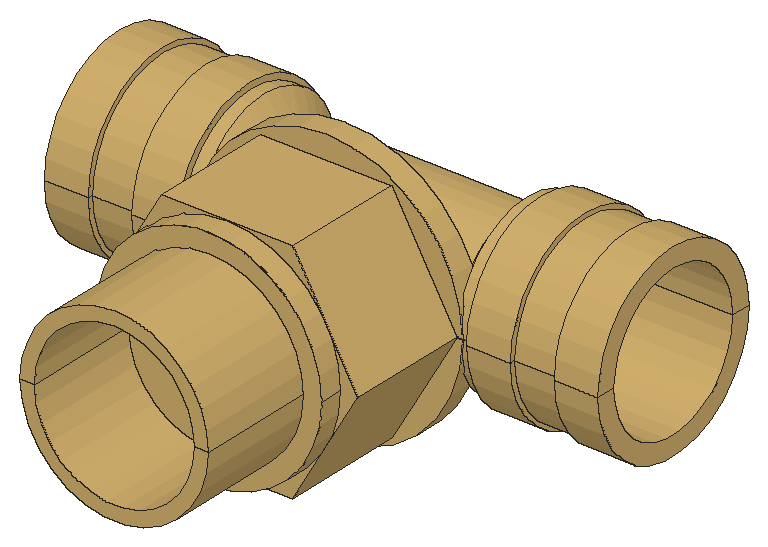
Revit family "UPEX_Te_Mac", category Pipe Fittings, Revit 2025
Family settings
  Round Connector Dimension = Use Radius
  Part Type = Tee
  OmniClass Number = 23.60.30.11.14
  OmniClass Title = Pipework Fittings
  Work Plane-Based = No
  Always vertical = Yes
  Cut with Voids When Loaded = No
  Shared = No
Parameters
  Ângulo = 90.00°
  URL = "https://www.ultrapex.com.br/_files/ugd/9f3173_32d47a29bbff48b5af4781a5d529eee8.pdf"
  ULTRAPEX: Versão = "01"  # constant formula
  ULTRAPEX: Norma Técnica = "NBR 15939"  # constant formula
  ULTRAPEX: Descrição [instance] = size_lookup(LookupTable, "DES", "Produto Inexistente", DN1, DN2, DN3)  # "Tê Macho 16x1/2\" - ULTRAPEX"
  ULTRAPEX: Código [instance] = size_lookup(LookupTable, "COD", 0, DN1, DN2, DN3)  # 9161612
  Type Image = Tê Macho.png
  Sextavado [instance] = DN2 Nominal = 20.0 mm  # yes
  RR2 [instance] = DN2 / 2 + 2.0 mm  # 12.05 mm
  RN3 [instance] = 8 mm
  RN2 [instance] = 10 mm
  RN1 [instance] = 8 mm
  Material = Latão - Ultrapex
  LookupTable = "Tê Macho De Redução - ULTRAPEX"
  Lado Conector [instance] = 2 * (DN2 / 2 + 2.0 mm) * tan(30.00°)  # 13.914 mm
  IfcExportAs = "IfcPipeFittingType.CONNECTOR"  # constant formula
  Manufacturer = "UltraPEX"  # constant formula
  Default Elevation = 0.0 mm
  Description = "Tê Macho De Redução - ULTRAPEX"
  DN3 [instance] = RN3 * 2  # 16 mm
  DN2 Nominal [instance] = RN2 * 2  # 20 mm
  DN2 [instance] = if(DN2 Nominal = 20.0 mm, 20.1 mm, if(DN2 Nominal = 25.0 mm, 26.4 mm, if(DN2 Nominal = 32.0 mm, 33.4 mm, 20.0 mm)))  # 20.1 mm
  DN1 [instance] = RN1 * 2  # 16 mm
  Cota O [instance] = 14.5 mm  # constant formula
  Cota N [instance] = size_lookup(LookupTable, "N", 2.1 mm, DN1, DN2, DN3)  # 2.1 mm
  Cota M [instance] = if(DN3 = 16.0 mm, 13.4 mm, if(DN3 = 20.0 mm, 14.0 mm, 15.0 mm))  # 13.4 mm
  Cota L [instance] = if(DN2 Nominal = 20.0 mm, Cota D + 2 * Cota G, Cota B - Cota C)  # 18.7 mm
  Cota J [instance] = if(DN2 Nominal = 20.0 mm, 2.5 mm, 1.0 mm)  # 2.5 mm
  Cota I [instance] = Cota D / 2  # 7.25 mm
  Cota G [instance] = size_lookup(LookupTable, "G", 2.1 mm, DN1, DN2, DN3)  # 2.1 mm
  Cota F [instance] = if(DN2 = 12.7 mm, Cota G, 0.0 mm)  # 0.0 mm
  Cota D [instance] = size_lookup(LookupTable, "D", 17.2 mm, DN1, DN2, DN3)  # 14.5 mm
  Cota C [instance] = size_lookup(LookupTable, "C", 10.3 mm, DN1, DN2, DN3)  # 12.5 mm
  Cota B [instance] = size_lookup(LookupTable, "B", 34.6 mm, DN1, DN2, DN3)  # 46.9 mm
  Cota A [instance] = size_lookup(LookupTable, "A", 57.6 mm, DN1, DN2, DN3)  # 53.6 mm
  Alerta [instance] = if(ULTRAPEX: Código = 0, 1 = 1, 1 = 0)  # no
Reference planes
  plane 1 "Centro (Frente/Trás)": y = 0
  plane 2: z = 0
  plane 3 "Centro (Esquerda/Direita)": x = 0
  plane 4: x = -10.05
  plane 5: x = 10.05
  plane 6: y = -7.25
  plane 7: y = 7.25
  plane 8: x = -26.8
  plane 9: x = 26.8
  plane 10: x = -15.5
  plane 11: x = 15.5
  plane 12: y = 9.75
  plane 13: x = -12.5
  plane 14: x = 12.5
  plane 15: y = -25.05
  plane 16: y = -37.55
  plane 17: y = 9.35
Forms (mm)
  Sweep 1, solid, material "Latão - Ultrapex" <- "Material", detail levels fine
    path origin (0, 0, 0) x (1, 0, 0) y (0, 1, 0)
      loop
        line (-12.5, 0) -> (12.5, 0)
    profile origin (0, 0, 0) x (0, 1, 0) y (0, 0, 1)
      loop
        circle (0, 0) r 7.25
  Revolve 2, solid, material "Latão - Ultrapex" <- "Material", detail levels fine
    sketch origin (0, 0, 0) x (1, 0, 0) y (0, 1, 0)
      loop
        line (0, -9.35) -> (14.5, -9.35) -> (14.5, -6.75) -> (7.25, -2.564) -> (7.25, 0) -> (0, 0) -> (0, -9.35)
      axis (0, 0) -> (0, -9.35)
    angle from 0 to 360
  Extrusion 3, solid, material "Latão - Ultrapex" <- "Material", visible <- "Sextavado", detail levels fine
    sketch origin (-10, -7.25, 4000) x (1, 0, 0) y (0, 0, 1)
      loop
        line (3.043, -4012.05) -> (16.957, -4012.05) -> (23.914, -4000) -> (16.957, -3987.95) -> (3.043, -3987.95) -> (-3.914, -4000) -> (3.043, -4012.05)
    from 0 <- "Cota F" to 15.3
  Revolve 4, solid, material "Latão - Ultrapex" <- "Material", detail levels fine
    sketch origin (0, 0, 0) x (1, 0, 0) y (0, 1, 0)
      loop
        line (-10.05, -25.05) -> (-10.05, -37.55) -> (-8.55, -37.55) -> (-8.55, -25.05) -> (-10.05, -25.05)
      axis (0, -25.05) -> (0, -37.55)
    angle from 0 to 360
  Extrusion 5, solid, material "Latão - Ultrapex" <- "Material", visible <- "Sextavado", detail levels fine
    sketch origin (-11.768, -25.05, 4000) x (-1, 0, 0) y (0, 0, -1)
      loop
        circle (-11.768, 4000) r 12.05
    from 0 to -2.5
  Revolve 6, solid, material "Latão - Ultrapex" <- "Material", detail levels fine
    sketch origin (0, 0, 0) x (1, 0, 0) y (0, 1, 0)
      loop
        line (-12.5, 0) -> (-12.5, 7.25) -> (-14, 9.35) -> (-15.5, 9.35) -> (-15.5, 0) -> (-12.5, 0)
      axis (-12.5, 0) -> (-15.5, 0)
    angle from 0 to 360
  Revolve 7, solid, material "Latão - Ultrapex" <- "Material", detail levels fine
    sketch origin (0, 0, 0) x (-1, 0, 0) y (0, 1, 0)
      loop
        line (-12.5, 0) -> (-12.5, 7.25) -> (-14, 9.35) -> (-15.5, 9.35) -> (-15.5, 0) -> (-12.5, 0)
      axis (-12.5, 0) -> (-15.5, 0)
    angle from 0 to 360
Cuts and joins
  joined: Sweep 1, Revolve 2, Revolve 6
Lines and regions (mm)
  model lines, style "PipeFittingCenterLine", detail levels coarse+medium
    curve 1: line (-15.5, 0, 0) -> (15.5, 0, 0)
    curve 2: line (0, 0, 0) -> (0, -37.55, 0)
Dimensions and locks
  equal spacing: plane 6, plane 1 "Centro (Frente/Trás)", plane 7  (x2)
  equal spacing: plane 4, plane 3 "Centro (Esquerda/Direita)", plane 5
  "DN2": plane 4 to plane 5
  "Cota D": plane 6 to plane 7
  locked: plane 10 to plane 13 at 3
  locked: plane 14 to plane 11 at 3
  locked: plane 10 to plane 3 "Centro (Esquerda/Direita)" at 15.5
  locked: plane 3 "Centro (Esquerda/Direita)" to plane 11 at 15.5
  "Cota C": plane 16 to plane 15
  "Cota B": plane 16 to plane 17
  "Cota L": plane 17 to Revolve 2 sketch curve
  locked: plane 4 to Revolve 4 sketch curve at 1.5
  "Cota J": plane 15 to Extrusion 3
  locked: plane 6 to Revolve 2 sketch curve at 0.5
  "Cota I": plane 3 "Centro (Esquerda/Direita)" to Revolve 2 sketch curve
  "Cota O": plane 3 "Centro (Esquerda/Direita)" to Revolve 2 sketch curve
  "Cota G": plane 7 to plane 17
  equal spacing: Extrusion 3 sketch curve, plane 2, Extrusion 3 sketch curve
  equal spacing: Extrusion 3 sketch curve, plane 3 "Centro (Esquerda/Direita)", Extrusion 3 sketch curve
  "Lado Conector": Extrusion 3 sketch curve to Extrusion 3 sketch curve  (x4)
  Extrusion 3 sketch curve to Extrusion 3 sketch curve = 13.914 mm  (x2)
  equal spacing: plane 10, Revolve 6 sketch curve, plane 13
  equal spacing: plane 14, Revolve 7 sketch curve, plane 11
  "Cota D": diameter of Sweep 1 sketch curve
  "RR2": radius of Extrusion 5 sketch curve
  locked: Revolve 2 sketch curve to plane 1 "Centro (Frente/Trás)" (angle 30.00°)
  locked: Extrusion 3 sketch curve to Extrusion 3 sketch curve (angle 120.00°)  (x5)
  aligned and locked: plane 2 to level
  aligned and locked: plane 1 "Centro (Frente/Trás)" to Sweep 1 sketch curve
  aligned and locked: nested 1 to plane 1 "Centro (Frente/Trás)"
  aligned and locked: nested 2 to plane 11
  aligned and locked: nested 1 to plane 10
  aligned and locked: plane 3 "Centro (Esquerda/Direita)" to curve 2
  aligned and locked: plane 1 "Centro (Frente/Trás)" to curve 1
  aligned and locked: plane 10 to curve 1
  aligned and locked: plane 11 to curve 1
  aligned and locked: Revolve 4 sketch curve to plane 16
  aligned and locked: plane 15 to Revolve 4 sketch curve
  aligned and locked: Revolve 4 sketch curve to plane 4
  aligned and locked: plane 1 "Centro (Frente/Trás)" to Revolve 2 sketch curve
  aligned and locked: Revolve 2 sketch curve to plane 3 "Centro (Esquerda/Direita)"
  aligned and locked: plane 3 "Centro (Esquerda/Direita)" to Revolve 2 sketch curve
  aligned and locked: plane 16 to curve 2
  aligned and locked: plane 13 to Sweep 1 sketch curve
  aligned and locked: plane 14 to Sweep 1 sketch curve
  aligned and locked: plane 1 "Centro (Frente/Trás)" to Revolve 6 sketch curve
  aligned and locked: Revolve 6 sketch curve to plane 1 "Centro (Frente/Trás)"
  aligned and locked: plane 10 to Revolve 6 sketch curve
  aligned and locked: Revolve 6 sketch curve to plane 13
  aligned and locked: Revolve 7 sketch curve to plane 1 "Centro (Frente/Trás)"
  aligned and locked: plane 1 "Centro (Frente/Trás)" to Revolve 7 sketch curve
  aligned and locked: plane 14 to Revolve 7 sketch curve
  aligned and locked: plane 11 to Revolve 7 sketch curve
  aligned and locked: plane 7 to Revolve 7 sketch curve
  aligned and locked: plane 7 to Revolve 6 sketch curve
  aligned and locked: Revolve 6 sketch curve to plane 17
  aligned and locked: plane 17 to Revolve 7 sketch curve
Automatic sketch dimensions
  Revolve 4 sketch curve to plane 3 "Centro (Esquerda/Direita)" = 0.0 mm
  plane 16 to Revolve 4 sketch curve = 2.45 mm
  Revolve 4 sketch curve to plane 12 = 5.65 mm
  plane 10 to Revolve 6 sketch curve = 2.726 mm
  Revolve 6 sketch curve to plane 13 = 1.18 mm
  plane 11 to Revolve 7 sketch curve = 2.726 mm
  Revolve 7 sketch curve to Revolve 7 sketch curve = 1.18 mm
  Sweep 1 sketch curve to level = 0.0 mm
  Sweep 1 sketch curve to profile plane = 0.0 mm
  plane 15 to Revolve 2 sketch curve = 0.0 mm
  plane 1 "Centro (Frente/Trás)" to Revolve 2 sketch curve = 0.0 mm
  Extrusion 5 sketch curve to level = 0.0 mm
  Extrusion 5 sketch curve to plane 3 "Centro (Esquerda/Direita)" = 0.0 mm
Nested families
  nested 1: "Anel Deslizante - ULTRAPEX" at (-15.5, 0, 0) x (0, 1, 0) z (0, 0, 1), Diâmetro Nominal <- "DN1", type "Anel Deslizante - ULTRAPEX"
    with ULTRAPEX: Descrição "Anel Deslizante 16 mm - ULTRAPEX", ULTRAPEX: Código 9040016, Diâmetro Nominal 16 mm, DN 16.0 mm, Cota C 4.667 mm, Cota B 14.0 mm, Cota A 20.0 mm
  nested 2: "Anel Deslizante - ULTRAPEX" at (15.5, 0, 0) x (0, 1, 0) z (0, 0, 1), Diâmetro Nominal <- "DN3", type "Anel Deslizante - ULTRAPEX"
    with ULTRAPEX: Descrição "Anel Deslizante 16 mm - ULTRAPEX", ULTRAPEX: Código 9040016, Diâmetro Nominal 16 mm, DN 16.0 mm, Cota C 4.667 mm, Cota B 14.0 mm, Cota A 20.0 mm
Connectors
  piping at (0, -37.55, 0), diameter 20, driven by "RN2"
    settings: on Revolve 4, index 1, connector inside diameter 609.6 mm, connector length 0.0 mm, flow factor 0, pipe flow 0.0 L/s, pressure drop 0.0 Pa, fitting loss kfactor 0, connector angle 0.00°, fixture units 0, engagement length 0.0 mm, angle of deflection 0.00°, flow configuration 0, flow direction 0, fitting loss method 0, system type 28, joint type 0, gender type 0, connector reference index -1, connector utility 0, adjustable connector no, is connector primary no, connector description ""
  piping at (15.5, 0, 0), diameter 16, driven by "RN3", driven by "Ângulo"
    settings: on nested 2, index 2, connector inside diameter 609.6 mm, connector length 0.0 mm, flow factor 0, pipe flow 0.0 L/s, pressure drop 0.0 Pa, fitting loss kfactor 0, connector angle 90.00°, fixture units 0, engagement length 0.0 mm, angle of deflection 0.00°, flow configuration 0, flow direction 0, fitting loss method 0, system type 28, joint type 0, gender type 0, connector reference index 3, connector utility 0, adjustable connector no, is connector primary no, connector description ""
  piping at (-15.5, 0, 0), diameter 16, driven by "RN1", driven by "Ângulo"
    settings: on nested 1, index 3, connector inside diameter 609.6 mm, connector length 0.0 mm, flow factor 0, pipe flow 0.0 L/s, pressure drop 0.0 Pa, fitting loss kfactor 0, connector angle 90.00°, fixture units 0, engagement length 0.0 mm, angle of deflection 0.00°, flow configuration 0, flow direction 0, fitting loss method 0, system type 28, joint type 0, gender type 0, connector reference index 2, connector utility 0, adjustable connector no, is connector primary yes, connector description ""
Definition of nested family "Anel Deslizante - ULTRAPEX"
  Parameters (values of type "ANEL DESLIZANTE 16mm")
    URL = "https://www.ultrapex.com.br/_files/ugd/9f3173_32d47a29bbff48b5af4781a5d529eee8.pdf"
    ULTRAPEX: Versão = "00"  # constant formula
    ULTRAPEX: Norma Técnica = "NBR 15939"  # constant formula
    ULTRAPEX: Descrição [instance] = size_lookup(LookupTable, "DES", "Produto Inexistente", Diâmetro Nominal)  # "Anel Deslizante 16 mm - ULTRAPEX"
    ULTRAPEX: Código [instance] = size_lookup(LookupTable, "COD", 0, Diâmetro Nominal)  # 9040016
    Type Image = element 373412
    Material = none
    LookupTable = "Anel Deslizante - ULTRAPEX"  # constant formula
    IfcExportAs = "IfcPipeFittingType.CONNECTOR"  # constant formula
    Manufacturer = "UltraPEX"  # constant formula
    Default Elevation = 0.0 mm
    Diâmetro Nominal [instance] = 16 mm
    Description = "Anel Deslizante - ULTRAPEX"
    DN [instance] = size_lookup(LookupTable, "DN", 16.0 mm, Diâmetro Nominal)  # 16.0 mm
    Cota C [instance] = Cota B / 3  # 4.667 mm
    Cota B [instance] = size_lookup(LookupTable, "B", 14.0 mm, Diâmetro Nominal)  # 14.0 mm
    Cota A [instance] = size_lookup(LookupTable, "A", 20.0 mm, Diâmetro Nominal)  # 20.0 mm
  Reference planes
    plane 1 "Centro (Frente/Trás)": y = 0
    plane 2: z = 0
    plane 3 "Centro (Esquerda/Direita)": x = 0
    plane 4: x = 8
    plane 5: x = -8
    plane 6: x = -10
    plane 7: x = 10
    plane 8: y = 14
  Forms (mm)
    Revolve 1, solid, material <- "Material", detail levels fine
      sketch origin (0, 0, 0) x (1, 0, 0) y (0, 1, 0)
        loop
          line (10, 0) -> (10, 14) -> (8, 14) -> (8, 0) -> (10, 0)
        axis (0, 0) -> (0, 14)
      angle from 0 to 360
    Revolve 2, void
      sketch origin (0, 0, 0) x (1, 0, 0) y (0, 1, 0)
        loop
          line (-10.952, 9.333) -> (-10.952, 4.667) -> (-9.524, 4.667) -> (-9.524, 9.333) -> (-10.952, 9.333)
        axis (0, 4.667) -> (0, 9.333)
      angle from 0 to 360
  Cuts and joins
    Revolve 2 cuts Revolve 1
  Lines and regions (mm)
    model lines, detail levels coarse+medium
      curve 1: line (0, 0, 0) -> (0, 14, 0)
  Dimensions and locks
    "DN": plane 5 to plane 4
    "Cota A": plane 6 to plane 7
    equal spacing: plane 6, plane 3 "Centro (Esquerda/Direita)", plane 7
    equal spacing: plane 5, plane 3 "Centro (Esquerda/Direita)", plane 4
    "Cota B": plane 1 "Centro (Frente/Trás)" to plane 8
    "Cota C": Revolve 2 sketch curve to plane 8
    "Cota C": plane 1 "Centro (Frente/Trás)" to Revolve 2 sketch curve
    locked: plane 6 to Revolve 2 sketch curve at 0.476
    locked: Revolve 2 sketch curve to Revolve 2 sketch curve at 1.428
    aligned and locked: level to plane 2
    aligned and locked: plane 3 "Centro (Esquerda/Direita)" to Revolve 1 sketch curve
    aligned and locked: Revolve 1 sketch curve to plane 7
    aligned and locked: plane 4 to Revolve 1 sketch curve
    aligned and locked: plane 1 "Centro (Frente/Trás)" to Revolve 1 sketch curve
    aligned and locked: plane 8 to Revolve 1 sketch curve
    aligned and locked: plane 8 to curve 1
    aligned and locked: plane 1 "Centro (Frente/Trás)" to curve 1
  Automatic sketch dimensions
    plane 1 "Centro (Frente/Trás)" to Revolve 1 sketch curve = 0.0 mm
    Revolve 1 sketch curve to Revolve 1 sketch curve = 0.0 mm
    curve 1 to plane 3 "Centro (Esquerda/Direita)" = 0.0 mm
    Revolve 2 sketch curve to plane 3 "Centro (Esquerda/Direita)" = 0.0 mm
    plane 1 "Centro (Frente/Trás)" to Revolve 2 sketch curve = 0.0 mm
    plane 8 to Revolve 2 sketch curve = 2.253 mm
